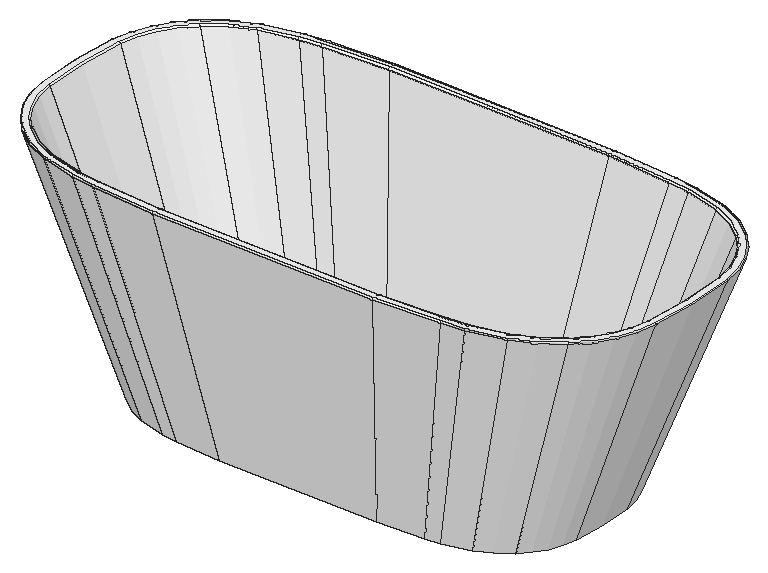
Revit family "Rectangular Freestanding Tub_F02648EN", category Plumbing Fixtures, Revit 2020
Family settings
  Round Connector Dimension = Use Diameter
  Part Type = Normal
  Work Plane-Based = Yes
  Always vertical = Yes
  Cut with Voids When Loaded = No
  Shared = No
  Room Calculation Point = No
Parameters (values of type "White")
  data = ""
  Details = Blks - Metal  - Inox
  Manufacturer = "Signature Hardware"  # constant formula
  Default Elevation = 121.92 cm
  Created By / Criado Por / Creado por = "Blocks"  # constant formula
  Type Comments = "Rectangular Freestanding Tub"  # constant formula
  Bathtub = Blks - Ceramic - White
  Author URL = "https://www.BlocksRvt.com/"
  Author Contact = "info@blocksrvt.com"  # constant formula
  Assembly Code = "Bath"
  Height [instance] = 55 cm
Types (2, lengths in cm): name | Bathtub
  White | Blks - Ceramic - White
  Rose | Blks - Ceramic - Rose
Reference planes (cm)
  plane 1 "Center (Front/Back)": y = 0
  plane 2: z = 0
  plane 3 "Center (Left/Right)": x = 0
  plane 4: z = 21.7
  plane 5: z = 16.7
  plane 6: z = 55
  plane 7: x = -74.2419
  plane 8: x = 74.2419
  plane 9: y = 36.9496
  plane 10: y = -36.9496
Forms (cm)
  Extrusion 1, solid, material "Blks - Ceramic - White" <- "Bathtub"
    sketch origin (0, 0, -15.5) x (1, 0, 0) y (0, 1, 0)
      loop
        arc (-18.7863, 25.76) -> (-24.2693, 25.4399) -> (-29.7467, 25.0355) r 356.987
        arc (-29.7467, 25.0355) -> (-31.6282, 24.8528) -> (-33.5032, 24.6122) r 61.35
        arc (-33.5032, 24.6122) -> (-36.7449, 23.9764) -> (-39.9057, 23.0159) r 32.6161
        arc (-39.9057, 23.0159) -> (-43.7875, 21.1724) -> (-47.2376, 18.6104) r 22.0299
        arc (-47.2376, 18.6104) -> (-51.3589, 13.2205) -> (-53.297, 6.7183) r 18.7879
        arc (-53.297, 6.7183) -> (-53.6605, 0) -> (-53.297, -6.7183) r 62.2621
        arc (-53.297, -6.7183) -> (-51.3589, -13.2205) -> (-47.2376, -18.6104) r 18.7879
        arc (-47.2376, -18.6104) -> (-43.7875, -21.1724) -> (-39.9057, -23.0159) r 22.0299
        arc (-39.9057, -23.0159) -> (-36.7449, -23.9764) -> (-33.5032, -24.6122) r 32.6161
        arc (-33.5032, -24.6122) -> (-31.6282, -24.8528) -> (-29.7467, -25.0355) r 61.35
        arc (-29.7467, -25.0355) -> (-24.2693, -25.4399) -> (-18.7863, -25.76) r 356.987
        arc (-18.7863, -25.76) -> (0, -26.2356) -> (18.7863, -25.76) r 371.2714
        arc (18.7863, -25.76) -> (24.2693, -25.4399) -> (29.7467, -25.0355) r 356.987
        arc (29.7467, -25.0355) -> (31.6282, -24.8528) -> (33.5032, -24.6122) r 61.35
        arc (33.5032, -24.6122) -> (36.7449, -23.9764) -> (39.9057, -23.0159) r 32.6161
        arc (39.9057, -23.0159) -> (43.7875, -21.1724) -> (47.2376, -18.6104) r 22.0299
        arc (47.2376, -18.6104) -> (51.3589, -13.2205) -> (53.297, -6.7183) r 18.7879
        arc (53.297, -6.7183) -> (53.6605, 0) -> (53.297, 6.7183) r 62.2621
        arc (53.297, 6.7183) -> (51.3589, 13.2205) -> (47.2376, 18.6104) r 18.7879
        arc (47.2376, 18.6104) -> (43.7875, 21.1724) -> (39.9057, 23.0159) r 22.0299
        arc (39.9057, 23.0159) -> (36.7449, 23.9764) -> (33.5032, 24.6122) r 32.6161
        arc (33.5032, 24.6122) -> (31.6282, 24.8528) -> (29.7467, 25.0355) r 61.35
        arc (29.7467, 25.0355) -> (24.2693, 25.4399) -> (18.7863, 25.76) r 356.987
        arc (18.7863, 25.76) -> (0, 26.2356) -> (-18.7863, 25.76) r 371.2714
      loop
        circle (-35.5, 0) r 6.517
    from 19.1662 to 21.7
  Blend 2, solid, material "Blks - Ceramic - White" <- "Bathtub"
    base sketch origin (0, 0, 0) x (1, 0, 0) y (0, 1, 0)
      loop
        arc (-18.7357, 25.7613) -> (-24.2033, 25.4421) -> (-29.6654, 25.0388) r 355.987
        arc (-29.6654, 25.0388) -> (-31.5163, 24.8591) -> (-33.3607, 24.6224) r 60.35
        arc (-33.3607, 24.6224) -> (-36.503, 24.0061) -> (-39.5668, 23.0751) r 31.6161
        arc (-39.5668, 23.0751) -> (-43.2725, 21.3153) -> (-46.566, 18.8695) r 21.0299
        arc (-46.566, 18.8695) -> (-50.4679, 13.7665) -> (-52.3028, 7.6104) r 17.7879
        arc (-52.3028, 7.6104) -> (-52.7146, 0) -> (-52.3028, -7.6104) r 70.5297
        arc (-52.3028, -7.6104) -> (-50.4679, -13.7665) -> (-46.566, -18.8695) r 17.7879
        arc (-46.566, -18.8695) -> (-43.2725, -21.3153) -> (-39.5668, -23.0751) r 21.0299
        arc (-39.5668, -23.0751) -> (-36.503, -24.0061) -> (-33.3607, -24.6224) r 31.6161
        arc (-33.3607, -24.6224) -> (-31.5163, -24.8591) -> (-29.6654, -25.0388) r 60.35
        arc (-29.6654, -25.0388) -> (-24.2033, -25.4421) -> (-18.7357, -25.7613) r 355.987
        arc (-18.7357, -25.7613) -> (0, -26.2356) -> (18.7357, -25.7613) r 370.2714
        arc (18.7357, -25.7613) -> (24.2033, -25.4421) -> (29.6654, -25.0388) r 355.987
        arc (29.6654, -25.0388) -> (31.5163, -24.8591) -> (33.3607, -24.6224) r 60.35
        arc (33.3607, -24.6224) -> (36.503, -24.0061) -> (39.5668, -23.0751) r 31.6161
        arc (39.5668, -23.0751) -> (43.2725, -21.3153) -> (46.566, -18.8695) r 21.0299
        arc (46.566, -18.8695) -> (50.4679, -13.7665) -> (52.3028, -7.6104) r 17.7879
        arc (52.3028, -7.6104) -> (52.7146, 0) -> (52.3028, 7.6104) r 70.5297
        arc (52.3028, 7.6104) -> (50.4679, 13.7665) -> (46.566, 18.8695) r 17.7879
        arc (46.566, 18.8695) -> (43.2725, 21.3153) -> (39.5668, 23.0751) r 21.0299
        arc (39.5668, 23.0751) -> (36.503, 24.0061) -> (33.3607, 24.6224) r 31.6161
        arc (33.3607, 24.6224) -> (31.5163, 24.8591) -> (29.6654, 25.0388) r 60.35
        arc (29.6654, 25.0388) -> (24.2033, 25.4421) -> (18.7357, 25.7613) r 355.987
        arc (18.7357, 25.7613) -> (0, 26.2356) -> (-18.7357, 25.7613) r 370.2714
    top sketch origin (0, 0, 0) x (1, 0, 0) y (0, 1, 0)
      loop
        arc (-26.3868, 36.2815) -> (-34.0874, 35.832) -> (-41.7801, 35.264) r 501.3632
        arc (-41.7801, 35.264) -> (-44.3867, 35.0109) -> (-46.9844, 34.6776) r 84.9954
        arc (-46.9844, 34.6776) -> (-51.4099, 33.8096) -> (-55.7249, 32.4983) r 44.5274
        arc (-55.7249, 32.4983) -> (-60.9439, 30.0199) -> (-65.5823, 26.5754) r 29.6179
        arc (-65.5823, 26.5754) -> (-71.0777, 19.3885) -> (-73.662, 10.7182) r 25.0521
        arc (-73.662, 10.7182) -> (-74.2419, 0) -> (-73.662, -10.7182) r 99.3322
        arc (-73.662, -10.7182) -> (-71.0777, -19.3885) -> (-65.5823, -26.5754) r 25.0521
        arc (-65.5823, -26.5754) -> (-60.9439, -30.0199) -> (-55.7249, -32.4983) r 29.6179
        arc (-55.7249, -32.4983) -> (-51.4099, -33.8096) -> (-46.9844, -34.6776) r 44.5274
        arc (-46.9844, -34.6776) -> (-44.3867, -35.0109) -> (-41.7801, -35.264) r 84.9954
        arc (-41.7801, -35.264) -> (-34.0874, -35.832) -> (-26.3868, -36.2815) r 501.3632
        arc (-26.3868, -36.2815) -> (0, -36.9496) -> (26.3868, -36.2815) r 521.481
        arc (26.3868, -36.2815) -> (34.0874, -35.832) -> (41.7801, -35.264) r 501.3632
        arc (41.7801, -35.264) -> (44.3867, -35.0109) -> (46.9844, -34.6776) r 84.9954
        arc (46.9844, -34.6776) -> (51.4099, -33.8096) -> (55.7249, -32.4983) r 44.5274
        arc (55.7249, -32.4983) -> (60.9439, -30.0199) -> (65.5823, -26.5754) r 29.6179
        arc (65.5823, -26.5754) -> (71.0777, -19.3885) -> (73.662, -10.7182) r 25.0521
        arc (73.662, -10.7182) -> (74.2419, 0) -> (73.662, 10.7182) r 99.3322
        arc (73.662, 10.7182) -> (71.0777, 19.3885) -> (65.5823, 26.5754) r 25.0521
        arc (65.5823, 26.5754) -> (60.9439, 30.0199) -> (55.7249, 32.4983) r 29.6179
        arc (55.7249, 32.4983) -> (51.4099, 33.8096) -> (46.9844, 34.6776) r 44.5274
        arc (46.9844, 34.6776) -> (44.3867, 35.0109) -> (41.7801, 35.264) r 84.9954
        arc (41.7801, 35.264) -> (34.0874, 35.832) -> (26.3868, 36.2815) r 501.3632
        arc (26.3868, 36.2815) -> (0, 36.9496) -> (-26.3868, 36.2815) r 521.481
    from 0 to 55
  Blend 3, void
    base sketch origin (0, 0, 0) x (1, 0, 0) y (0, 1, 0)
      loop
        arc (-50.3145, 7.3946) -> (-50.7146, 0) -> (-50.3145, -7.3946) r 68.5297
        arc (-50.3145, -7.3946) -> (-48.6859, -12.8586) -> (-45.2227, -17.3878) r 15.7879
        arc (-45.2227, -17.3878) -> (-42.2424, -19.6009) -> (-38.8892, -21.1934) r 19.0299
        arc (-38.8892, -21.1934) -> (-36.0191, -22.0655) -> (-33.0756, -22.6428) r 29.6161
        arc (-33.0756, -22.6428) -> (-31.2923, -22.8716) -> (-29.5028, -23.0454) r 58.35
        arc (-29.5028, -23.0454) -> (-24.0714, -23.4464) -> (-18.6345, -23.7638) r 353.987
        arc (-18.6345, -23.7638) -> (0, -24.2356) -> (18.6345, -23.7638) r 368.2714
        arc (18.6345, -23.7638) -> (24.0714, -23.4464) -> (29.5028, -23.0454) r 353.987
        arc (29.5028, -23.0454) -> (31.2923, -22.8716) -> (33.0756, -22.6428) r 58.35
        arc (33.0756, -22.6428) -> (36.0191, -22.0655) -> (38.8892, -21.1934) r 29.6161
        arc (38.8892, -21.1934) -> (42.2424, -19.6009) -> (45.2227, -17.3878) r 19.0299
        arc (45.2227, -17.3878) -> (48.6859, -12.8586) -> (50.3145, -7.3946) r 15.7879
        arc (50.3145, -7.3946) -> (50.7146, 0) -> (50.3145, 7.3946) r 68.5297
        arc (50.3145, 7.3946) -> (48.6859, 12.8586) -> (45.2227, 17.3878) r 15.7879
        arc (45.2227, 17.3878) -> (42.2424, 19.6009) -> (38.8892, 21.1934) r 19.0299
        arc (38.8892, 21.1934) -> (36.0191, 22.0655) -> (33.0756, 22.6428) r 29.6161
        arc (33.0756, 22.6428) -> (31.2923, 22.8716) -> (29.5028, 23.0454) r 58.35
        arc (29.5028, 23.0454) -> (24.0714, 23.4464) -> (18.6345, 23.7638) r 353.987
        arc (18.6345, 23.7638) -> (0, 24.2356) -> (-18.6345, 23.7638) r 368.2714
        arc (-18.6345, 23.7638) -> (-24.0714, 23.4464) -> (-29.5028, 23.0454) r 353.987
        arc (-29.5028, 23.0454) -> (-31.2923, 22.8716) -> (-33.0756, 22.6428) r 58.35
        arc (-33.0756, 22.6428) -> (-36.0191, 22.0655) -> (-38.8892, 21.1934) r 29.6161
        arc (-38.8892, 21.1934) -> (-42.2424, 19.6009) -> (-45.2227, 17.3878) r 19.0299
        arc (-45.2227, 17.3878) -> (-48.6859, 12.8586) -> (-50.3145, 7.3946) r 15.7879
    top sketch origin (0, 0, 0) x (1, 0, 0) y (0, 1, 0)
      loop
        arc (-71.6736, 10.5024) -> (-72.2419, 0) -> (-71.6736, -10.5024) r 97.3322
        arc (-71.6736, -10.5024) -> (-69.2957, -18.4805) -> (-64.239, -25.0936) r 23.0521
        arc (-64.239, -25.0936) -> (-59.9138, -28.3055) -> (-55.0473, -30.6166) r 27.6179
        arc (-55.0473, -30.6166) -> (-50.9261, -31.869) -> (-46.6993, -32.698) r 42.5274
        arc (-46.6993, -32.698) -> (-44.1628, -33.0235) -> (-41.6175, -33.2706) r 82.9954
        arc (-41.6175, -33.2706) -> (-33.9554, -33.8363) -> (-26.2856, -34.2841) r 499.3632
        arc (-26.2856, -34.2841) -> (0, -34.9496) -> (26.2856, -34.2841) r 519.481
        arc (26.2856, -34.2841) -> (33.9554, -33.8363) -> (41.6175, -33.2706) r 499.3632
        arc (41.6175, -33.2706) -> (44.1628, -33.0235) -> (46.6993, -32.698) r 82.9954
        arc (46.6993, -32.698) -> (50.9261, -31.869) -> (55.0473, -30.6166) r 42.5274
        arc (55.0473, -30.6166) -> (59.9138, -28.3055) -> (64.239, -25.0936) r 27.6179
        arc (64.239, -25.0936) -> (69.2957, -18.4805) -> (71.6736, -10.5024) r 23.0521
        arc (71.6736, -10.5024) -> (72.2419, 0) -> (71.6736, 10.5024) r 97.3322
        arc (71.6736, 10.5024) -> (69.2957, 18.4805) -> (64.239, 25.0936) r 23.0521
        arc (64.239, 25.0936) -> (59.9138, 28.3055) -> (55.0473, 30.6166) r 27.6179
        arc (55.0473, 30.6166) -> (50.9261, 31.869) -> (46.6993, 32.698) r 42.5274
        arc (46.6993, 32.698) -> (44.1628, 33.0235) -> (41.6175, 33.2706) r 82.9954
        arc (41.6175, 33.2706) -> (33.9554, 33.8363) -> (26.2856, 34.2841) r 499.3632
        arc (26.2856, 34.2841) -> (0, 34.9496) -> (-26.2856, 34.2841) r 519.481
        arc (-26.2856, 34.2841) -> (-33.9554, 33.8363) -> (-41.6175, 33.2706) r 499.3632
        arc (-41.6175, 33.2706) -> (-44.1628, 33.0235) -> (-46.6993, 32.698) r 82.9954
        arc (-46.6993, 32.698) -> (-50.9261, 31.869) -> (-55.0473, 30.6166) r 42.5274
        arc (-55.0473, 30.6166) -> (-59.9138, 28.3055) -> (-64.239, 25.0936) r 27.6179
        arc (-64.239, 25.0936) -> (-69.2957, 18.4805) -> (-71.6736, 10.5024) r 23.0521
    from 0 to 55
  Revolve 4, solid, material "Blks - Ceramic - White" <- "Bathtub"
    sketch origin (-35.5, 0, 0) x (1, 0, 0) y (0, 0, 1)
      loop
        arc (-2.4868, 2.6987) -> (-3.8476, 5.2024) -> (-6.517, 6.2) r 4.0702
        line (-6.517, 6.2) -> (-6.517, 3.6662)
        arc (-6.517, 3.6662) -> (-4.9265, 3.4185) -> (-3.4868, 2.6987) r 5.229
        line (-3.4868, 2.6987) -> (-2.4868, 2.6987)
      axis (0, 2.6987) -> (0, 6.2)
    angle from 0 to 360
  Sweep 5, solid, material "Blks - Ceramic - White" <- "Bathtub"
    path in 3D
      loop
        arc (-73.662, 10.7182, 55) -> (-71.0777, 19.3885, 55) -> (-65.5823, 26.5754, 55) r 25.0521
        arc (-65.5823, 26.5754, 55) -> (-60.9439, 30.0199, 55) -> (-55.7249, 32.4983, 55) r 29.6179
        arc (-55.7249, 32.4983, 55) -> (-51.4099, 33.8096, 55) -> (-46.9844, 34.6776, 55) r 44.5274
        arc (-46.9844, 34.6776, 55) -> (-44.3867, 35.0109, 55) -> (-41.7801, 35.264, 55) r 84.9954
        arc (-41.7801, 35.264, 55) -> (-34.0874, 35.832, 55) -> (-26.3868, 36.2815, 55) r 501.3632
        arc (-26.3868, 36.2815, 55) -> (0, 36.9496, 55) -> (26.3868, 36.2815, 55) r 521.481
        arc (26.3868, 36.2815, 55) -> (34.0874, 35.832, 55) -> (41.7801, 35.264, 55) r 501.3632
        arc (41.7801, 35.264, 55) -> (44.3867, 35.0109, 55) -> (46.9844, 34.6776, 55) r 84.9954
        arc (46.9844, 34.6776, 55) -> (51.4099, 33.8096, 55) -> (55.7249, 32.4983, 55) r 44.5274
        arc (55.7249, 32.4983, 55) -> (60.9439, 30.0199, 55) -> (65.5823, 26.5754, 55) r 29.6179
        arc (65.5823, 26.5754, 55) -> (71.0777, 19.3885, 55) -> (73.662, 10.7182, 55) r 25.0521
        arc (73.662, 10.7182, 55) -> (74.2419, 0, 55) -> (73.662, -10.7182, 55) r 99.3322
        arc (73.662, -10.7182, 55) -> (71.0777, -19.3885, 55) -> (65.5823, -26.5754, 55) r 25.0521
        arc (65.5823, -26.5754, 55) -> (60.9439, -30.0199, 55) -> (55.7249, -32.4983, 55) r 29.6179
        arc (55.7249, -32.4983, 55) -> (51.4099, -33.8096, 55) -> (46.9844, -34.6776, 55) r 44.5274
        arc (46.9844, -34.6776, 55) -> (44.3867, -35.0109, 55) -> (41.7801, -35.264, 55) r 84.9954
        arc (41.7801, -35.264, 55) -> (34.0874, -35.832, 55) -> (26.3868, -36.2815, 55) r 501.3632
        arc (26.3868, -36.2815, 55) -> (0, -36.9496, 55) -> (-26.3868, -36.2815, 55) r 521.481
        arc (-26.3868, -36.2815, 55) -> (-34.0874, -35.832, 55) -> (-41.7801, -35.264, 55) r 501.3632
        arc (-41.7801, -35.264, 55) -> (-44.3867, -35.0109, 55) -> (-46.9844, -34.6776, 55) r 84.9954
        arc (-46.9844, -34.6776, 55) -> (-51.4099, -33.8096, 55) -> (-55.7249, -32.4983, 55) r 44.5274
        arc (-55.7249, -32.4983, 55) -> (-60.9439, -30.0199, 55) -> (-65.5823, -26.5754, 55) r 29.6179
        arc (-65.5823, -26.5754, 55) -> (-71.0777, -19.3885, 55) -> (-73.662, -10.7182, 55) r 25.0521
        arc (-73.662, -10.7182, 55) -> (-74.2419, 0, 55) -> (-73.662, 10.7182, 55) r 99.3322
    profile origin (-74.2419, 0, 55) x (-1, 0, 0) y (0, 0, 1)
      loop
        arc (-0.0001, 0) -> (-0.0199, 0.2035) -> (-0.2002, 0.3) r 0.2168
        line (-0.2002, 0.3) -> (-1.5647, 0.3)
        arc (-1.5647, 0.3) -> (-1.829, 0.2177) -> (-2, 0) r 0.4657
        line (-2, 0) -> (-0.0001, 0)
  Revolve 6, solid, material "Blks - Metal  - Inox" <- "Details"
    sketch origin (0, 0, 0) x (1, 0, 0) y (0, 0, 1)
      loop
        line (-35.5, 4.9334) -> (-35.5, 5.6987) -> (-38.7355, 5.6987)
        arc (-38.7355, 5.6987) -> (-39.1361, 5.5722) -> (-39.3916, 5.2387) r 0.6978
        line (-39.3916, 5.2387) -> (-39.0675, 4.9334) -> (-35.5, 4.9334)
      axis (-35.5, 4.9334) -> (-35.5, 5.6987)
    angle from 0 to 360
Cuts and joins
  Blend 3 cuts Blend 2
  joined: Extrusion 1, Blend 2, Revolve 4
Lines and regions (cm)
  sketch lines
    curve 1: arc (-73.662, -10.7182, 55) -> (-74.2419, 0, 55) -> (-73.662, 10.7182, 55) r 99.3322
    curve 2: arc (-73.662, 10.7182, 55) -> (-71.0777, 19.3885, 55) -> (-65.5823, 26.5754, 55) r 25.0521
    curve 3: arc (-65.5823, 26.5754, 55) -> (-60.9439, 30.0199, 55) -> (-55.7249, 32.4983, 55) r 29.6179
    curve 4: arc (-55.7249, 32.4983, 55) -> (-51.4099, 33.8096, 55) -> (-46.9844, 34.6776, 55) r 44.5274
    curve 5: arc (-46.9844, 34.6776, 55) -> (-44.3867, 35.0109, 55) -> (-41.7801, 35.264, 55) r 84.9954
    curve 6: arc (-41.7801, 35.264, 55) -> (-34.0874, 35.832, 55) -> (-26.3868, 36.2815, 55) r 501.3632
    curve 7: arc (-26.3868, 36.2815, 55) -> (0, 36.9496, 55) -> (26.3868, 36.2815, 55) r 521.481
    curve 8: arc (26.3868, 36.2815, 55) -> (34.0874, 35.832, 55) -> (41.7801, 35.264, 55) r 501.3632
    curve 9: arc (-65.5823, -26.5754, 55) -> (-71.0777, -19.3885, 55) -> (-73.662, -10.7182, 55) r 25.0521
    curve 10: arc (-55.7249, -32.4983, 55) -> (-60.9439, -30.0199, 55) -> (-65.5823, -26.5754, 55) r 29.6179
    curve 11: arc (-46.9844, -34.6776, 55) -> (-51.4099, -33.8096, 55) -> (-55.7249, -32.4983, 55) r 44.5274
    curve 12: arc (-41.7801, -35.264, 55) -> (-44.3867, -35.0109, 55) -> (-46.9844, -34.6776, 55) r 84.9954
    curve 13: arc (-26.3868, -36.2815, 55) -> (-34.0874, -35.832, 55) -> (-41.7801, -35.264, 55) r 501.3632
    curve 14: arc (26.3868, -36.2815, 55) -> (0, -36.9496, 55) -> (-26.3868, -36.2815, 55) r 521.481
    curve 15: arc (41.7801, -35.264, 55) -> (34.0874, -35.832, 55) -> (26.3868, -36.2815, 55) r 501.3632
    curve 16: arc (46.9844, -34.6776, 55) -> (44.3867, -35.0109, 55) -> (41.7801, -35.264, 55) r 84.9954
    curve 17: arc (55.7249, -32.4983, 55) -> (51.4099, -33.8096, 55) -> (46.9844, -34.6776, 55) r 44.5274
    curve 18: arc (65.5823, -26.5754, 55) -> (60.9439, -30.0199, 55) -> (55.7249, -32.4983, 55) r 29.6179
    curve 19: arc (73.662, -10.7182, 55) -> (71.0777, -19.3885, 55) -> (65.5823, -26.5754, 55) r 25.0521
    curve 20: arc (73.662, 10.7182, 55) -> (74.2419, 0, 55) -> (73.662, -10.7182, 55) r 99.3322
    curve 21: arc (65.5823, 26.5754, 55) -> (71.0777, 19.3885, 55) -> (73.662, 10.7182, 55) r 25.0521
    curve 22: arc (55.7249, 32.4983, 55) -> (60.9439, 30.0199, 55) -> (65.5823, 26.5754, 55) r 29.6179
    curve 23: arc (46.9844, 34.6776, 55) -> (51.4099, 33.8096, 55) -> (55.7249, 32.4983, 55) r 44.5274
    curve 24: arc (41.7801, 35.264, 55) -> (44.3867, 35.0109, 55) -> (46.9844, 34.6776, 55) r 84.9954
Dimensions and locks (cm)
  "Height": plane 6 to level
  plane 3 "Center (Left/Right)" to Blend 2 sketch curve = 74.2419 cm
  Blend 2 sketch curve to plane 3 "Center (Left/Right)" = 74.2419 cm
  aligned and locked: level to plane 2
  aligned and locked: Blend 2 to level
  aligned and locked: plane 6 to Blend 2
  aligned and locked: plane 6 to Blend 3
Automatic sketch dimensions
  plane 1 "Center (Front/Back)" to Blend 2 sketch curve = 0 cm  (x4)
  Blend 2 sketch curve to plane 3 "Center (Left/Right)" = 0 cm  (x4)
  Blend 2 sketch curve to plane 3 "Center (Left/Right)" = 0.7228 cm  (x2)
  Blend 2 sketch curve to plane 1 "Center (Front/Back)" = 3.2892 cm  (x2)
  Blend 2 sketch curve to Blend 2 sketch curve = 3.5869 cm  (x6)
  plane 1 "Center (Front/Back)" to Blend 2 sketch curve = 3.2892 cm  (x2)
  Blend 2 sketch curve to Blend 2 sketch curve = 2.1774 cm  (x4)
  plane 3 "Center (Left/Right)" to Blend 2 sketch curve = 0.7228 cm  (x2)
  Blend 2 sketch curve to Blend 2 sketch curve = 2.4018 cm  (x4)
  Blend 2 sketch curve to Blend 2 sketch curve = 3.3818 cm  (x4)
  Blend 2 sketch curve to Blend 2 sketch curve = 28.4405 cm  (x4)
  Blend 2 sketch curve to Blend 2 sketch curve = 294.6583 cm  (x2)
  Blend 2 sketch curve to Blend 2 sketch curve = 0 cm  (x46)
  Blend 2 sketch curve to Blend 2 sketch curve = 14.2661 cm  (x2)
  plane 1 "Center (Front/Back)" to Blend 3 sketch curve = 0 cm  (x4)
  Blend 3 sketch curve to plane 3 "Center (Left/Right)" = 0 cm  (x4)
  Blend 3 sketch curve to plane 3 "Center (Left/Right)" = 0.7228 cm  (x2)
  plane 1 "Center (Front/Back)" to Blend 3 sketch curve = 3.2892 cm  (x2)
  Blend 3 sketch curve to Blend 3 sketch curve = 3.5869 cm  (x6)
  Blend 3 sketch curve to plane 1 "Center (Front/Back)" = 3.2892 cm  (x2)
  Blend 3 sketch curve to Blend 3 sketch curve = 2.1774 cm  (x4)
  plane 3 "Center (Left/Right)" to Blend 3 sketch curve = 0.7228 cm  (x2)
  Blend 3 sketch curve to Blend 3 sketch curve = 2.4018 cm  (x4)
  Blend 3 sketch curve to Blend 3 sketch curve = 3.3818 cm  (x4)
  Blend 3 sketch curve to Blend 3 sketch curve = 28.4405 cm  (x4)
  Blend 3 sketch curve to Blend 3 sketch curve = 0 cm  (x50)
  Blend 3 sketch curve to Blend 3 sketch curve = 14.2661 cm  (x2)
  Blend 3 sketch curve to Blend 3 sketch curve = 6.3335 cm
  Blend 3 sketch curve to Blend 3 sketch curve = 5.0918 cm
  Blend 3 sketch curve to plane 3 "Center (Left/Right)" = 1.018 cm  (x2)
  plane 1 "Center (Front/Back)" to Blend 3 sketch curve = 9.3952 cm  (x2)
  Blend 3 sketch curve to plane 1 "Center (Front/Back)" = 9.3952 cm  (x2)
  Blend 3 sketch curve to Blend 3 sketch curve = 15.5475 cm  (x3)
  plane 1 "Center (Front/Back)" to Blend 3 sketch curve = 4.6324 cm  (x2)
  Blend 3 sketch curve to Blend 3 sketch curve = 5.0518 cm  (x4)
  Blend 3 sketch curve to plane 1 "Center (Front/Back)" = 4.6324 cm  (x2)
  Blend 3 sketch curve to Blend 3 sketch curve = 3.0666 cm  (x5)
  plane 3 "Center (Left/Right)" to Blend 3 sketch curve = 1.018 cm  (x2)
  Blend 3 sketch curve to Blend 3 sketch curve = 40.0549 cm  (x4)
  Blend 3 sketch curve to Blend 3 sketch curve = 20.092 cm  (x2)
  Blend 3 sketch curve to Blend 3 sketch curve = 3.3827 cm  (x4)
  plane 1 "Center (Front/Back)" to Extrusion 1 sketch curve = 0 cm  (x3)
  Extrusion 1 sketch curve to plane 3 "Center (Left/Right)" = 0 cm  (x2)
  Extrusion 1 sketch curve to plane 3 "Center (Left/Right)" = 35.5 cm
  Extrusion 1 sketch curve to plane 3 "Center (Left/Right)" = 0.7228 cm  (x2)
  Extrusion 1 sketch curve to plane 3 "Center (Left/Right)" = 8.6016 cm
  plane 1 "Center (Front/Back)" to Extrusion 1 sketch curve = 2.2892 cm  (x2)
  Extrusion 1 sketch curve to plane 1 "Center (Front/Back)" = 2.2892 cm  (x2)
  Extrusion 1 sketch curve to Extrusion 1 sketch curve = 0 cm  (x28)
  Extrusion 1 sketch curve to Extrusion 1 sketch curve = 2.1774 cm  (x4)
  plane 3 "Center (Left/Right)" to Extrusion 1 sketch curve = 0.7228 cm  (x2)
  plane 3 "Center (Left/Right)" to Extrusion 1 sketch curve = 8.6016 cm
  Extrusion 1 sketch curve to Extrusion 1 sketch curve = 2.4018 cm  (x4)
  Extrusion 1 sketch curve to Extrusion 1 sketch curve = 5.3818 cm  (x4)
  Extrusion 1 sketch curve to Extrusion 1 sketch curve = 28.4405 cm  (x4)
  Extrusion 1 sketch curve to Extrusion 1 sketch curve = 294.6583 cm  (x2)
  Extrusion 1 sketch curve to Extrusion 1 sketch curve = 14.2661 cm  (x2)
  level to Revolve 4 sketch curve = 2.1298 cm
  Revolve 4 sketch curve to plane 3 "Center (Left/Right)" = 42.017 cm
  Revolve 4 sketch curve to Revolve 4 sketch curve = 3.0303 cm
  Revolve 4 sketch curve to Revolve 4 sketch curve = 1 cm
  Revolve 4 sketch curve to level = 1.5628 cm
  level to Revolve 4 sketch curve = 2.6987 cm
  Revolve 4 sketch curve to plane 3 "Center (Left/Right)" = 35.5 cm
  Revolve 4 sketch curve to Revolve 4 sketch curve = 0 cm
  Revolve 4 sketch curve to Revolve 4 sketch curve = 1.5 cm
  Sweep 5 sketch curve to profile plane = 0 cm
  profile plane to Sweep 5 sketch curve = 0.0001 cm
  profile plane to Sweep 5 sketch curve = 0.0832 cm
  profile plane to Sweep 5 sketch curve = 0.2002 cm
  Sweep 5 sketch curve to Sweep 5 sketch curve = 1.3645 cm
  Sweep 5 sketch curve to profile plane = 0.1657 cm
  Extrusion 1 sketch curve to plane 3 "Center (Left/Right)" = 24.7588 cm  (x2)
  Extrusion 1 sketch curve to Extrusion 1 sketch curve = 20.2528 cm
  Extrusion 1 sketch curve to Extrusion 1 sketch curve = 3.5869 cm  (x2)
  Extrusion 1 sketch curve to Extrusion 1 sketch curve = 5.9726 cm  (x4)
  Blend 2 sketch curve to plane 3 "Center (Left/Right)" = 17.8151 cm
  Blend 2 sketch curve to plane 3 "Center (Left/Right)" = 24.7588 cm  (x2)
  Blend 2 sketch curve to Blend 2 sketch curve = 11.0393 cm  (x2)
  Blend 2 sketch curve to Blend 2 sketch curve = 6.0232 cm  (x4)
  Blend 3 sketch curve to plane 3 "Center (Left/Right)" = 17.8151 cm
  Blend 3 sketch curve to plane 3 "Center (Left/Right)" = 24.7588 cm  (x2)
  Blend 3 sketch curve to Blend 3 sketch curve = 11.0393 cm  (x2)
  Blend 3 sketch curve to Blend 3 sketch curve = 294.6583 cm  (x2)
  Blend 3 sketch curve to Blend 3 sketch curve = 20.1775 cm
  Blend 3 sketch curve to Blend 3 sketch curve = 11.8296 cm
  Blend 3 sketch curve to Blend 3 sketch curve = 414.9894 cm  (x2)
  Extrusion 1 sketch curve to Extrusion 1 sketch curve = 0.8924 cm
  plane 3 "Center (Left/Right)" to Blend 2 sketch curve = 17.8151 cm
  Blend 3 sketch curve to Blend 3 sketch curve = 6.1244 cm  (x2)
  Blend 3 sketch curve to Blend 3 sketch curve = 15.4829 cm
  Blend 3 sketch curve to Blend 3 sketch curve = 8.5841 cm  (x2)
  Blend 3 sketch curve to plane 3 "Center (Left/Right)" = 25.0903 cm
  plane 3 "Center (Left/Right)" to Blend 3 sketch curve = 25.0903 cm
  Blend 2 sketch curve to plane 3 "Center (Left/Right)" = 1.018 cm  (x2)
  Blend 2 sketch curve to plane 3 "Center (Left/Right)" = 25.0903 cm
  plane 10 to Blend 2 sketch curve = 12.5005 cm  (x2)
  Blend 2 sketch curve to plane 3 "Center (Left/Right)" = 34.8697 cm  (x2)
  plane 9 to Blend 2 sketch curve = 12.5005 cm  (x2)
  plane 1 "Center (Front/Back)" to Blend 2 sketch curve = 9.3952 cm  (x2)
  Blend 2 sketch curve to Blend 2 sketch curve = 15.5475 cm  (x4)
  Blend 2 sketch curve to plane 1 "Center (Front/Back)" = 9.3952 cm  (x2)
  Blend 2 sketch curve to plane 1 "Center (Front/Back)" = 4.6324 cm  (x2)
  Blend 2 sketch curve to Blend 2 sketch curve = 5.0518 cm  (x4)
  plane 1 "Center (Front/Back)" to Blend 2 sketch curve = 4.6324 cm  (x2)
  Blend 2 sketch curve to Blend 2 sketch curve = 3.0666 cm  (x4)
  plane 3 "Center (Left/Right)" to Blend 2 sketch curve = 1.018 cm  (x2)
  plane 3 "Center (Left/Right)" to Blend 2 sketch curve = 25.0903 cm
  plane 3 "Center (Left/Right)" to Blend 2 sketch curve = 34.8697 cm  (x2)
  Blend 2 sketch curve to Blend 2 sketch curve = 414.9894 cm  (x2)
  Blend 2 sketch curve to Blend 2 sketch curve = 20.092 cm  (x2)
  Blend 2 sketch curve to Blend 2 sketch curve = 3.3827 cm  (x4)
  Blend 2 sketch curve to plane 10 = 0.668 cm
  Blend 2 sketch curve to plane 9 = 0.668 cm
  level to Revolve 6 sketch curve = 5.2387 cm
  Revolve 6 sketch curve to plane 7 = 34.8504 cm
  Revolve 6 sketch curve to Revolve 6 sketch curve = 0.324 cm
  Revolve 6 sketch curve to Revolve 6 sketch curve = 0.6561 cm
  Revolve 6 sketch curve to Revolve 6 sketch curve = 3.2355 cm
  Revolve 6 sketch curve to Revolve 6 sketch curve = 0.2379 cm
  Revolve 6 sketch curve to Revolve 6 sketch curve = 0.7652 cm
  Revolve 6 sketch curve to Revolve 6 sketch curve = 0 cm  (x2)
  Revolve 6 sketch curve to Revolve 6 sketch curve = 0.7603 cm
  radius of Extrusion 1 sketch curve = 6.517 cm
